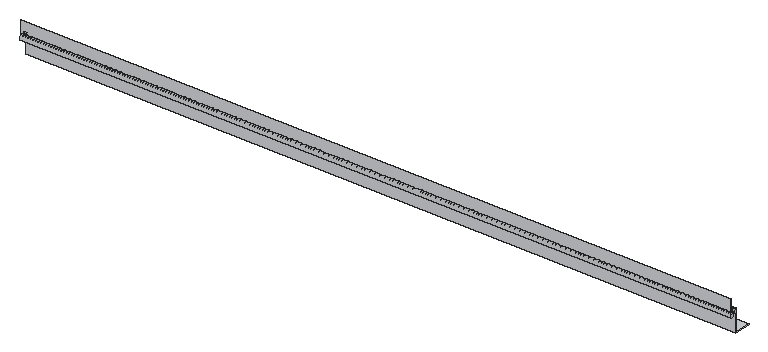
Revit family "NOVOJUNTA PRO BASIC ancho 20 mm LI EST y perimetral", category Modelos genéricos, Revit 2019
Family settings
  Puede alojar armadura = No
  Cota de conector redondo = Diámetro de uso
  Tipo de pieza = Normal
  Corte con vacíos al cargar = No
  Compartido = No
  Punto de cálculo de habitación = No
Parameters
  URL = "https://emac.es/novojunta-pro-basic-junta-estructural"
  Tipo de junta [instance] = Lisa/Estriada : Lisa
  Texto Prescriptivo [instance] = "Instalación de junta de dilatación estructural enrasada Emac® Novojunta® Pro Basic para cargas medias ancho junta 20 mm, ancho visible 24 mm, ancho total 104 mm, alto perfil 12 mm. Con estructura realizada en aluminio perforado en su base para fijaciones, goma central sintética de altas prestaciones con capacidad de absorber movimientos multidireccionales. Admisión de movimiento horizontal hasta 8 mm. Color y acabado a elegir. Instalación con tornillería (incluida). Medida la longitud realmente ejecutada."
  Texto Descriptivo [instance] = "Novojunta® Pro Basic es un sistema de perfiles de aluminio y caucho EPDM destinado a  colocación en juntas de dilatación de estructura de hasta 40 mm de ancho. Su diseño facilita la absorción de los movimientos derivados de las variaciones térmicas, permitiendo movimiento en tres ejes.  Con acabado liso o estriado y soporte de cargas medias. Se sirve desmontada. Disponible en color gris o negro."
  Referencia [instance] = "NJPB\r\nNJPB\r\nNJPB"
  Posición Junta [instance] = Enrasada/Perimetral : Perimetral
  Perimetral [instance] = Enrasada/Perimetral : Perimetral
  País origen [instance] = "España"
  NOVOJUNTA PRO BASIC  a=20mm, h= 80mm, Perimetral -  Lisa [instance] = if(and(Posición Junta = Perimetral, Tipo de junta = Lisa, Altura = Altura 80mm), 1 = 1, 1 = 0)  # yes
  NOVOJUNTA PRO BASIC  a=20mm, h= 80mm, Perimetral -  Estriada [instance] = if(and(Posición Junta = Perimetral, Tipo de junta = Estriada, Altura = Altura 80mm), 1 = 1, 1 = 0)  # no
  NOVOJUNTA PRO BASIC  a=20mm, h= 80mm, Enrasada -  Lisa [instance] = if(and(Posición Junta = Enrasada, Tipo de junta = Lisa, Altura = Altura 80mm), 1 = 1, 1 = 0)  # no
  NOVOJUNTA PRO BASIC  a=20mm, h= 80mm, Enrasada -  Estriada [instance] = if(and(Posición Junta = Enrasada, Tipo de junta = Estriada, Altura = Altura 80mm), 1 = 1, 1 = 0)  # no
  NOVOJUNTA PRO BASIC  a=20mm, h= 50mm, Perimetral -  Lisa [instance] = if(and(Posición Junta = Perimetral, Tipo de junta = Lisa, Altura = Altura 50mm), 1 = 1, 1 = 0)  # no
  NOVOJUNTA PRO BASIC  a=20mm, h= 50mm, Perimetral -  Estriada [instance] = if(and(Posición Junta = Perimetral, Tipo de junta = Estriada, Altura = Altura 50mm), 1 = 1, 1 = 0)  # no
  NOVOJUNTA PRO BASIC  a=20mm, h= 50mm, Enrasada -  Lisa [instance] = if(and(Posición Junta = Enrasada, Tipo de junta = Lisa, Altura = Altura 50mm), 1 = 1, 1 = 0)  # no
  NOVOJUNTA PRO BASIC  a=20mm, h= 50mm, Enrasada -  Estriada [instance] = if(and(Posición Junta = Enrasada, Tipo de junta = Estriada, Altura = Altura 50mm), 1 = 1, 1 = 0)  # no
  NOVOJUNTA PRO BASIC  a=20mm, h= 40mm, Perimetral -  Lisa [instance] = if(and(Posición Junta = Perimetral, Tipo de junta = Lisa, Altura = Altura 40mm), 1 = 1, 1 = 0)  # no
  NOVOJUNTA PRO BASIC  a=20mm, h= 40mm, Perimetral -  Estriada [instance] = if(and(Posición Junta = Perimetral, Tipo de junta = Estriada, Altura = Altura 40mm), 1 = 1, 1 = 0)  # no
  NOVOJUNTA PRO BASIC  a=20mm, h= 40mm, Enrasada -  Lisa [instance] = if(and(Posición Junta = Enrasada, Tipo de junta = Lisa, Altura = Altura 40mm), 1 = 1, 1 = 0)  # no
  NOVOJUNTA PRO BASIC  a=20mm, h= 40mm, Enrasada -  Estriada [instance] = if(and(Posición Junta = Enrasada, Tipo de junta = Estriada, Altura = Altura 40mm), 1 = 1, 1 = 0)  # no
  NOVOJUNTA PRO BASIC  a=20mm, h= 22mm, Perimetral -  Lisa [instance] = if(and(Posición Junta = Perimetral, Tipo de junta = Lisa, Altura = Altura 22mm), 1 = 1, 1 = 0)  # no
  NOVOJUNTA PRO BASIC  a=20mm, h= 22mm, Perimetral -  Estriada [instance] = if(and(Posición Junta = Perimetral, Tipo de junta = Estriada, Altura = Altura 22mm), 1 = 1, 1 = 0)  # no
  NOVOJUNTA PRO BASIC  a=20mm, h= 22mm, Enrasada -  Lisa [instance] = if(and(Posición Junta = Enrasada, Tipo de junta = Lisa, Altura = Altura 22mm), 1 = 1, 1 = 0)  # no
  NOVOJUNTA PRO BASIC  a=20mm, h= 22mm, Enrasada -  Estriada [instance] = if(and(Posición Junta = Enrasada, Tipo de junta = Estriada, Altura = Altura 22mm), 1 = 1, 1 = 0)  # no
  NOVOJUNTA PRO BASIC  a=20mm, h= 14mm, Perimetral -  Lisa [instance] = if(and(Posición Junta = Perimetral, Tipo de junta = Lisa, Altura = Altura 14mm), 1 = 1, 1 = 0)  # no
  NOVOJUNTA PRO BASIC  a=20mm, h= 14mm, Perimetral -  Estriada [instance] = if(and(Posición Junta = Perimetral, Tipo de junta = Estriada, Altura = Altura 14mm), 1 = 1, 1 = 0)  # no
  NOVOJUNTA PRO BASIC  a=20mm, h= 14mm, Enrasada -  Lisa [instance] = if(and(Posición Junta = Enrasada, Tipo de junta = Lisa, Altura = Altura 14mm), 1 = 1, 1 = 0)  # no
  NOVOJUNTA PRO BASIC  a=20mm, h= 14mm, Enrasada -  Estriada [instance] = if(and(Posición Junta = Enrasada, Tipo de junta = Estriada, Altura = Altura 14mm), 1 = 1, 1 = 0)  # no
  Lisa [instance] = Lisa/Estriada : Lisa
  built-in parameter 1001306 [instance] = 2500 mm
  Instrucciones de instalación [instance] = "https://emac.es/public/Attachment/2023/3/ficha-tecnica-novojunta-pro-basic-emac.pdf"
  Estriada [instance] = Lisa/Estriada : Estriada
  Enrasada [instance] = Enrasada/Perimetral : Enrasada
  Descripción = "NOVOJUNTA PRO BASIC"
  Certificados de producto [instance] = "https://emac.es/public/Attachment/2023/3/ficha-tecnica-novojunta-pro-basic-emac.pdf"
  Características técnicas [instance] = "https://emac.es/public/Attachment/2023/3/ficha-tecnica-novojunta-pro-basic-emac.pdf"
  Anchura [instance] = 20 mm
  Altura 80mm [instance] = Altura : Altura 80mm
  Altura 50mm [instance] = Altura : Altura 50mm
  Altura 40mm [instance] = Altura : Altura 40mm
  Altura 22mm [instance] = Altura : Altura 22mm
  Altura 14mm [instance] = Altura : Altura 14mm
  Altura [instance] = Altura : Altura 80mm
Reference planes
  plane 1 "Center (Front/Back)": y = 0
  plane 2: z = 0
  plane 3 "Left": x = 0
  plane 4 "Right": x = 2500
Forms (mm)
  Extrusion 1, solid, visible <- "NOVOJUNTA PRO BASIC  a=20mm, h= 14mm, Enrasada -  Estriada"
    sketch origin (0, -783.316, -687.572) x (0, 1, 0) y (0, 0, 1)
      loop
        line (792.768, 676.432) -> (790.227, 676.432) -> (789.411, 678.471) -> (789.411, 685.532) -> (787.387, 685.532) -> (787.387, 676.032)
        arc (787.387, 676.032) -> (787.826, 674.971) -> (788.887, 674.532) r 1.5
        line (788.887, 674.532) -> (793.087, 674.532)
        arc (793.087, 674.532) -> (793.794, 674.239) -> (794.087, 673.532) r 1
        line (794.087, 673.532) -> (797.787, 673.532) -> (835.087, 673.532) -> (835.087, 675.032) -> (799.517, 675.032) -> (796.587, 675.032) -> (795.587, 676.032) -> (795.587, 687.532) -> (793.587, 687.532) -> (793.587, 678.478) -> (792.768, 676.432)
      loop
        line (790.663, 678.453) -> (790.036, 677.921) -> (791.146, 676.812)
        arc (791.146, 676.812) -> (791.585, 676.618) -> (792.021, 676.819) r 0.583
        line (792.021, 676.819) -> (793.16, 677.958) -> (792.472, 678.469) -> (792.151, 679.425) -> (792.151, 684.798) -> (793.351, 685.518) -> (793.351, 687.572) -> (792.053, 687.572) -> (789.993, 687.572) -> (788, 687.572) -> (784.066, 687.572) -> (784.066, 682.072)
        arc (784.066, 682.072) -> (783.856, 681.46) -> (783.316, 681.104) r 1
        arc (783.316, 681.104) -> (782.775, 681.46) -> (782.566, 682.072) r 1
        line (782.566, 682.072) -> (782.566, 687.572) -> (773.351, 687.572) -> (773.351, 685.518) -> (774.552, 684.797) -> (774.552, 679.367) -> (774.269, 678.469) -> (773.573, 677.967) -> (774.72, 676.819)
        arc (774.72, 676.819) -> (775.156, 676.618) -> (775.595, 676.812) r 0.583
        line (775.595, 676.812) -> (776.736, 677.953) -> (776.078, 678.453) -> (775.776, 679.411) -> (775.9, 684.976) -> (777.258, 685.759) -> (780.701, 685.759) -> (780.701, 681.104) -> (782.922, 679.211)
        arc (782.922, 679.211) -> (783.317, 679.076) -> (783.724, 679.174) r 0.749
        line (783.724, 679.174) -> (786.001, 681.104) -> (786.001, 685.759) -> (789.361, 685.759) -> (790.84, 684.906) -> (790.928, 679.294) -> (790.663, 678.453)
      loop
        arc (777.758, 674.532) -> (778.819, 674.971) -> (779.258, 676.032) r 1.5
        line (779.258, 676.032) -> (779.258, 685.532) -> (777.258, 685.532) -> (777.258, 678.532) -> (776.418, 676.432) -> (773.898, 676.432) -> (773.058, 678.532) -> (773.058, 687.532) -> (771.058, 687.532) -> (771.058, 676.032) -> (770.058, 675.032) -> (767.128, 675.032) -> (734.988, 675.032) -> (731.558, 675.032) -> (731.558, 673.532) -> (772.558, 673.532)
        arc (772.558, 673.532) -> (772.851, 674.239) -> (773.558, 674.532) r 1
        line (773.558, 674.532) -> (777.758, 674.532)
    from 0 to 2500
  Extrusion 2, solid, visible <- "NOVOJUNTA PRO BASIC  a=20mm, h= 22mm, Enrasada -  Estriada"
    sketch origin (0, -783.734, -596.357) x (0, 1, 0) y (0, 0, 1)
      loop
        arc (778.176, 583.316) -> (779.237, 583.756) -> (779.676, 584.816) r 1.5
        line (779.676, 584.816) -> (779.676, 594.216) -> (777.676, 594.216) -> (777.676, 587.316) -> (776.836, 585.216) -> (774.316, 585.216) -> (773.476, 587.316) -> (773.476, 596.316) -> (771.476, 596.316) -> (771.477, 576.816) -> (770.477, 575.816) -> (767.547, 575.816) -> (731.977, 575.816) -> (731.977, 574.316) -> (769.277, 574.316) -> (772.777, 574.316)
        arc (772.777, 574.316) -> (773.069, 575.023) -> (773.777, 575.316) r 1
        line (773.777, 575.316) -> (773.777, 583.316) -> (778.176, 583.316)
      loop
        line (798.205, 574.316) -> (835.505, 574.316) -> (835.505, 575.816) -> (799.935, 575.816) -> (797.005, 575.816) -> (796.005, 576.816) -> (796.005, 596.316) -> (794.005, 596.316) -> (794.005, 587.263) -> (793.186, 585.216) -> (790.645, 585.216) -> (789.829, 587.255) -> (789.829, 594.216) -> (787.805, 594.216) -> (787.805, 584.816)
        arc (787.805, 584.816) -> (788.244, 583.756) -> (789.305, 583.316) r 1.5
        line (789.305, 583.316) -> (793.705, 583.316) -> (793.705, 575.316)
        arc (793.705, 575.316) -> (794.412, 575.023) -> (794.705, 574.316) r 1
        line (794.705, 574.316) -> (798.205, 574.316)
      loop
        line (791.082, 587.237) -> (790.432, 586.693) -> (791.564, 585.597)
        arc (791.564, 585.597) -> (792.003, 585.402) -> (792.439, 585.604) r 0.583
        line (792.439, 585.604) -> (793.507, 586.772) -> (792.89, 587.254) -> (792.569, 588.21) -> (792.569, 593.582) -> (793.769, 594.303) -> (793.769, 596.357) -> (788.284, 596.357) -> (784.484, 596.357) -> (784.484, 590.857)
        arc (784.484, 590.857) -> (784.275, 590.245) -> (783.734, 589.889) r 1
        arc (783.734, 589.889) -> (783.193, 590.245) -> (782.984, 590.857) r 1
        line (782.984, 590.857) -> (782.984, 596.357) -> (773.769, 596.357) -> (773.769, 594.303) -> (774.97, 593.582) -> (774.97, 588.152) -> (774.687, 587.254) -> (773.991, 586.751) -> (775.139, 585.604)
        arc (775.139, 585.604) -> (775.574, 585.402) -> (776.013, 585.597) r 0.583
        line (776.013, 585.597) -> (777.158, 586.741) -> (776.496, 587.237) -> (776.211, 588.141) -> (776.297, 593.633) -> (777.703, 594.444) -> (781.119, 594.444) -> (781.119, 589.889) -> (783.34, 587.996)
        arc (783.34, 587.996) -> (783.741, 587.86) -> (784.151, 587.964) r 0.749
        line (784.151, 587.964) -> (786.419, 589.889) -> (786.419, 594.444) -> (789.753, 594.444) -> (791.243, 593.584) -> (791.345, 588.141) -> (791.082, 587.237)
    from 0 to 2500
  Extrusion 3, solid, visible <- "NOVOJUNTA PRO BASIC  a=20mm, h= 14mm, Perimetral -  Estriada"
    sketch origin (0, -569.806, -687.572) x (0, 1, 0) y (0, 0, 1)
      loop
        line (573.877, 685.432) -> (573.877, 676.032)
        arc (573.877, 676.032) -> (574.317, 674.971) -> (575.377, 674.532) r 1.5
        line (575.377, 674.532) -> (579.577, 674.532)
        arc (579.577, 674.532) -> (580.284, 674.239) -> (580.577, 673.532) r 1
        line (580.577, 673.532) -> (584.277, 673.532) -> (621.577, 673.532) -> (621.577, 675.032) -> (586.007, 675.032) -> (583.077, 675.032) -> (582.077, 676.032) -> (582.077, 687.532) -> (580.077, 687.532) -> (580.077, 678.478) -> (579.259, 676.432) -> (576.717, 676.432) -> (575.902, 678.471) -> (575.902, 685.432) -> (573.877, 685.432)
      loop
        line (576.575, 677.873) -> (577.636, 676.812)
        arc (577.636, 676.812) -> (578.075, 676.618) -> (578.511, 676.819) r 0.583
        line (578.511, 676.819) -> (579.64, 677.948) -> (578.962, 678.469) -> (578.642, 679.425) -> (578.642, 684.798) -> (579.842, 685.518) -> (579.842, 687.572) -> (574.356, 687.572) -> (570.556, 687.572) -> (570.556, 682.072)
        arc (570.556, 682.072) -> (570.347, 681.46) -> (569.806, 681.104) r 1
        arc (569.806, 681.104) -> (569.266, 681.46) -> (569.056, 682.072) r 1
        line (569.056, 682.072) -> (569.056, 687.572) -> (559.842, 687.572) -> (559.842, 685.518) -> (561.043, 684.797) -> (561.043, 679.367) -> (560.76, 678.469) -> (560.086, 677.944) -> (561.211, 676.819)
        arc (561.211, 676.819) -> (561.647, 676.618) -> (562.086, 676.812) r 0.583
        line (562.086, 676.812) -> (563.23, 677.956) -> (562.568, 678.453) -> (562.284, 679.356) -> (562.369, 684.848) -> (563.775, 685.659) -> (567.192, 685.659) -> (567.192, 681.104) -> (569.412, 679.211)
        arc (569.412, 679.211) -> (569.813, 679.075) -> (570.223, 679.179) r 0.749
        line (570.223, 679.179) -> (572.492, 681.104) -> (572.492, 685.659) -> (575.825, 685.659) -> (577.315, 684.799) -> (577.418, 679.356) -> (577.154, 678.453) -> (576.575, 677.873)
      loop
        line (562.909, 676.432) -> (560.389, 676.432) -> (559.549, 678.532) -> (559.549, 714.974)
        arc (559.549, 714.974) -> (559.045, 720.891) -> (557.549, 726.636) r 35
        line (557.549, 726.636) -> (557.549, 685.932) -> (557.549, 664.532) -> (559.592, 664.532) -> (559.549, 671.532) -> (560.349, 673.532) -> (562.949, 673.532) -> (563.706, 671.638) -> (563.706, 664.532) -> (565.749, 664.532) -> (565.749, 685.332) -> (563.706, 685.332) -> (563.706, 678.425) -> (562.909, 676.432)
    from 0 to 2500
  Extrusion 4, solid, visible <- "NOVOJUNTA PRO BASIC  a=20mm, h= 22mm, Perimetral -  Estriada"
    sketch origin (0, -566.728, -592.259) x (0, 1, 0) y (0, 0, 1)
      loop
        arc (556.47, 619.662) -> (555.967, 625.578) -> (554.47, 631.324) r 35
        line (554.47, 631.324) -> (554.47, 590.619) -> (554.47, 569.219) -> (556.514, 569.219) -> (556.47, 576.219) -> (557.27, 578.219) -> (559.87, 578.219) -> (560.628, 576.326) -> (560.628, 569.219) -> (562.67, 569.219) -> (562.67, 590.019) -> (560.728, 590.019) -> (560.728, 583.093) -> (559.938, 581.119) -> (557.203, 581.119) -> (556.47, 582.949) -> (556.47, 619.662)
      loop
        line (574.076, 583.14) -> (573.414, 582.643) -> (574.558, 581.499)
        arc (574.558, 581.499) -> (574.997, 581.305) -> (575.433, 581.506) r 0.583
        line (575.433, 581.506) -> (576.559, 582.632) -> (575.884, 583.156) -> (575.563, 584.112) -> (575.563, 589.485) -> (576.763, 590.205) -> (576.763, 592.259) -> (571.278, 592.259) -> (567.478, 592.259) -> (567.478, 586.759)
        arc (567.478, 586.759) -> (567.269, 586.147) -> (566.728, 585.791) r 1
        arc (566.728, 585.791) -> (566.187, 586.147) -> (565.978, 586.759) r 1
        line (565.978, 586.759) -> (565.978, 592.259) -> (556.763, 592.259) -> (556.763, 590.205) -> (557.964, 589.484) -> (557.964, 584.054) -> (557.681, 583.156) -> (557.007, 582.632) -> (558.133, 581.506)
        arc (558.133, 581.506) -> (558.568, 581.305) -> (559.007, 581.499) r 0.583
        line (559.007, 581.499) -> (560.131, 582.622) -> (559.49, 583.14) -> (559.205, 584.044) -> (559.291, 589.535) -> (560.697, 590.346) -> (564.113, 590.346) -> (564.113, 585.792) -> (566.334, 583.898)
        arc (566.334, 583.898) -> (566.735, 583.763) -> (567.145, 583.866) r 0.749
        line (567.145, 583.866) -> (569.413, 585.791) -> (569.413, 590.346) -> (572.747, 590.346) -> (574.237, 589.487) -> (574.339, 584.043) -> (574.076, 583.14)
      loop
        arc (570.754, 580.717) -> (571.193, 579.656) -> (572.254, 579.217) r 1.5
        line (572.254, 579.217) -> (576.454, 579.217)
        arc (576.454, 579.217) -> (577.161, 578.924) -> (577.454, 578.217) r 1
        line (577.454, 578.217) -> (577.454, 570.217) -> (618.454, 570.217) -> (618.454, 571.717) -> (582.884, 571.717) -> (579.954, 571.717) -> (578.954, 572.717) -> (578.954, 580.717) -> (578.954, 592.217) -> (576.954, 592.217) -> (576.954, 583.163) -> (576.136, 581.117) -> (573.594, 581.117) -> (572.778, 583.156) -> (572.778, 590.117) -> (570.754, 590.117) -> (570.754, 580.717)
    from 0 to 2500
  Extrusion 5, solid, visible <- "NOVOJUNTA PRO BASIC  a=20mm, h= 40mm, Perimetral -  Estriada"
    sketch origin (0, -566.79, -489.219) x (0, 1, 0) y (0, 0, 1)
      loop
        line (579.115, 489.176) -> (577.115, 489.176) -> (577.115, 480.123) -> (576.297, 478.076) -> (573.755, 478.076) -> (572.939, 480.116) -> (572.939, 487.076) -> (570.915, 487.076) -> (570.915, 477.676)
        arc (570.915, 477.676) -> (571.354, 476.616) -> (572.415, 476.176) r 1.5
        line (572.415, 476.176) -> (576.115, 476.176)
        arc (576.115, 476.176) -> (576.822, 475.884) -> (577.115, 475.176) r 1
        line (577.115, 475.176) -> (577.115, 449.176) -> (632.115, 449.176) -> (632.115, 451.476) -> (585.01, 451.476) -> (580.615, 451.476) -> (579.115, 452.976) -> (579.115, 489.176)
      loop
        line (560.636, 473.283) -> (560.636, 466.176) -> (562.678, 466.176) -> (562.678, 486.976) -> (560.636, 486.976) -> (560.636, 480.07) -> (559.838, 478.076) -> (557.318, 478.076) -> (556.478, 480.176) -> (556.478, 516.619)
        arc (556.478, 516.619) -> (555.975, 522.535) -> (554.478, 528.281) r 35
        line (554.478, 528.281) -> (554.478, 487.576) -> (554.478, 466.176) -> (556.522, 466.176) -> (556.478, 473.176) -> (557.278, 475.176) -> (559.878, 475.176) -> (560.636, 473.283)
      loop
        line (557.743, 480.116) -> (557.094, 479.647) -> (558.195, 478.466)
        arc (558.195, 478.466) -> (558.63, 478.264) -> (559.069, 478.459) r 0.583
        line (559.069, 478.459) -> (560.214, 479.603) -> (559.552, 480.099) -> (559.267, 481.003) -> (559.353, 486.495) -> (560.759, 487.306) -> (564.175, 487.306) -> (564.175, 482.751) -> (566.396, 480.858)
        arc (566.396, 480.858) -> (566.797, 480.722) -> (567.207, 480.826) r 0.749
        line (567.207, 480.826) -> (569.475, 482.751) -> (569.475, 487.306) -> (573.009, 487.306) -> (574.296, 486.563) -> (574.401, 481.003) -> (574.138, 480.099) -> (573.511, 479.568) -> (574.62, 478.459)
        arc (574.62, 478.459) -> (575.059, 478.264) -> (575.495, 478.466) r 0.583
        line (575.495, 478.466) -> (576.642, 479.613) -> (575.946, 480.116) -> (575.625, 481.072) -> (575.625, 486.444) -> (576.825, 487.165) -> (576.825, 489.219) -> (571.34, 489.219) -> (567.54, 489.219) -> (567.54, 483.719)
        arc (567.54, 483.719) -> (567.331, 483.107) -> (566.79, 482.751) r 1
        arc (566.79, 482.751) -> (566.249, 483.107) -> (566.04, 483.719) r 1
        line (566.04, 483.719) -> (566.04, 489.219) -> (556.825, 489.219) -> (556.825, 487.165) -> (558.026, 486.444) -> (558.026, 481.014) -> (557.743, 480.116)
    from 0 to 2500
  Extrusion 6, solid, visible <- "NOVOJUNTA PRO BASIC  a=20mm, h= 40mm, Enrasada -  Estriada"
    sketch origin (0, -777.951, -492.111) x (0, 1, 0) y (0, 0, 1)
      loop
        line (765.572, 492.07) -> (765.572, 456.01) -> (763.931, 454.37) -> (759.537, 454.37) -> (712.431, 454.37) -> (712.431, 452.07) -> (767.572, 452.07) -> (767.572, 478.07)
        arc (767.572, 478.07) -> (767.865, 478.777) -> (768.572, 479.07) r 1
        line (768.572, 479.07) -> (772.272, 479.07)
        arc (772.272, 479.07) -> (773.333, 479.509) -> (773.772, 480.57) r 1.5
        line (773.772, 480.57) -> (773.772, 489.87) -> (771.772, 489.87) -> (771.772, 483.07) -> (770.892, 480.87) -> (768.452, 480.87) -> (767.572, 483.07) -> (767.572, 492.07) -> (765.572, 492.07)
      loop
        line (787.35, 480.87) -> (784.889, 480.87) -> (784.033, 483.009) -> (784.033, 489.87) -> (782.009, 489.87) -> (782.009, 480.57)
        arc (782.009, 480.57) -> (782.448, 479.509) -> (783.509, 479.07) r 1.5
        line (783.509, 479.07) -> (787.209, 479.07)
        arc (787.209, 479.07) -> (787.916, 478.777) -> (788.209, 478.07) r 1
        line (788.209, 478.07) -> (788.209, 452.07) -> (843.209, 452.07) -> (843.209, 454.37) -> (796.104, 454.37) -> (791.709, 454.37) -> (790.209, 455.87) -> (790.209, 492.07) -> (788.209, 492.07) -> (788.209, 483.016) -> (787.35, 480.87)
      loop
        line (775.266, 490.198) -> (775.266, 485.642) -> (777.534, 483.717)
        arc (777.534, 483.717) -> (777.944, 483.614) -> (778.345, 483.749) r 0.749
        line (778.345, 483.749) -> (780.566, 485.643) -> (780.566, 490.198) -> (783.982, 490.198) -> (785.388, 489.386) -> (785.474, 483.895) -> (785.189, 482.991) -> (784.588, 482.434) -> (785.672, 481.35)
        arc (785.672, 481.35) -> (786.111, 481.156) -> (786.547, 481.357) r 0.583
        line (786.547, 481.357) -> (787.627, 482.438) -> (786.998, 483.007) -> (786.715, 483.905) -> (786.715, 489.335) -> (787.916, 490.056) -> (787.916, 492.111) -> (778.701, 492.111) -> (778.701, 486.611)
        arc (778.701, 486.611) -> (778.492, 485.998) -> (777.951, 485.642) r 1
        arc (777.951, 485.642) -> (777.411, 485.998) -> (777.201, 486.611) r 1
        line (777.201, 486.611) -> (777.201, 492.111) -> (773.401, 492.111) -> (767.916, 492.111) -> (767.916, 490.056) -> (769.116, 489.336) -> (769.116, 483.963) -> (768.795, 483.007) -> (768.15, 482.503) -> (769.246, 481.357)
        arc (769.246, 481.357) -> (769.682, 481.156) -> (770.121, 481.35) r 0.583
        line (770.121, 481.35) -> (771.244, 482.473) -> (770.604, 482.991) -> (770.34, 483.894) -> (770.445, 489.454) -> (771.733, 490.198) -> (775.266, 490.198)
    from 0 to 2500
  Extrusion 7, solid, visible <- "NOVOJUNTA PRO BASIC  a=20mm, h= 50mm, Enrasada -  Estriada"
    sketch origin (0, -777.908, -378.318) x (0, 1, 0) y (0, 0, 1)
      loop
        arc (781.774, 366.747) -> (782.213, 365.686) -> (783.274, 365.247) r 1.5
        line (783.274, 365.247) -> (786.974, 365.218)
        arc (786.974, 365.218) -> (787.646, 364.959) -> (787.974, 364.318) r 1.01
        line (787.974, 364.318) -> (787.974, 328.318) -> (855.974, 328.247) -> (855.974, 330.547) -> (795.869, 330.547) -> (791.474, 330.547) -> (789.974, 332.047) -> (789.974, 341.314) -> (789.974, 378.247) -> (787.974, 378.247) -> (787.974, 369.193) -> (787.155, 367.147) -> (784.614, 367.147) -> (783.798, 369.186) -> (783.798, 376.147) -> (781.774, 376.147) -> (781.774, 366.747)
      loop
        line (767.851, 328.247) -> (767.721, 364.247)
        arc (767.721, 364.247) -> (768.014, 364.954) -> (768.721, 365.247) r 1
        line (768.721, 365.247) -> (772.421, 365.247)
        arc (772.421, 365.247) -> (773.482, 365.686) -> (773.921, 366.747) r 1.5
        line (773.921, 366.747) -> (773.921, 376.147) -> (771.921, 376.147) -> (771.921, 368.978) -> (771.189, 367.147) -> (768.454, 367.147) -> (767.721, 368.978) -> (767.721, 378.247) -> (765.721, 378.247) -> (765.721, 332.047) -> (764.221, 330.547) -> (759.827, 330.547) -> (699.721, 330.518) -> (699.721, 328.218) -> (767.851, 328.247)
      loop
        line (770.56, 369.198) -> (770.296, 370.102) -> (770.399, 375.545) -> (771.889, 376.405) -> (775.222, 376.405) -> (775.222, 371.849) -> (777.491, 369.925)
        arc (777.491, 369.925) -> (777.901, 369.821) -> (778.302, 369.957) r 0.749
        line (778.302, 369.957) -> (780.522, 371.85) -> (780.522, 376.405) -> (783.939, 376.405) -> (785.345, 375.594) -> (785.43, 370.102) -> (785.146, 369.198) -> (784.567, 368.619) -> (785.628, 367.557)
        arc (785.628, 367.557) -> (786.067, 367.363) -> (786.503, 367.565) r 0.583
        line (786.503, 367.565) -> (787.554, 368.615) -> (786.955, 369.214) -> (786.671, 370.113) -> (786.671, 375.543) -> (787.772, 376.204) -> (787.772, 378.318) -> (778.658, 378.318) -> (778.658, 372.818)
        arc (778.658, 372.818) -> (778.448, 372.206) -> (777.908, 371.85) r 1
        arc (777.908, 371.85) -> (777.367, 372.206) -> (777.158, 372.818) r 1
        line (777.158, 372.818) -> (777.158, 378.318) -> (773.358, 378.318) -> (767.972, 378.318) -> (767.972, 376.204) -> (769.072, 375.543) -> (769.072, 370.17) -> (768.752, 369.214) -> (768.1, 368.668) -> (769.203, 367.565)
        arc (769.203, 367.565) -> (769.639, 367.363) -> (770.078, 367.557) r 0.583
        line (770.078, 367.557) -> (771.139, 368.619) -> (770.56, 369.198)
    from 0 to 2500
  Extrusion 8, solid, visible <- "NOVOJUNTA PRO BASIC  a=20mm, h= 50mm, Perimetral -  Estriada"
    sketch origin (0, -567.985, -378.318) x (0, 1, 0) y (0, 0, 1)
      loop
        line (580.048, 378.247) -> (578.048, 378.247) -> (578.048, 369.193) -> (577.229, 367.147) -> (574.688, 367.147) -> (573.872, 369.186) -> (573.872, 376.147) -> (571.848, 376.147) -> (571.848, 366.747)
        arc (571.848, 366.747) -> (572.287, 365.686) -> (573.348, 365.247) r 1.5
        line (573.348, 365.247) -> (577.048, 365.218)
        arc (577.048, 365.218) -> (577.719, 364.959) -> (578.048, 364.318) r 1.01
        line (578.048, 364.318) -> (578.048, 328.318) -> (646.048, 328.247) -> (646.048, 330.547) -> (585.942, 330.547) -> (581.548, 330.547) -> (580.048, 332.047) -> (580.048, 341.314) -> (580.048, 378.247)
      loop
        line (557.795, 362.297) -> (558.595, 364.297) -> (561.195, 364.297) -> (561.952, 362.404) -> (561.952, 355.297) -> (563.995, 355.297) -> (563.995, 376.097) -> (561.952, 376.097) -> (561.952, 369.19) -> (561.115, 367.097) -> (558.675, 367.097) -> (557.795, 369.297) -> (557.795, 405.74)
        arc (557.795, 405.74) -> (557.291, 411.656) -> (555.795, 417.402) r 35
        line (555.795, 417.402) -> (555.795, 376.697) -> (555.795, 355.297) -> (557.839, 355.297) -> (557.795, 362.297)
      loop
        line (560.638, 369.198) -> (560.374, 370.102) -> (560.477, 375.545) -> (561.967, 376.405) -> (565.3, 376.405) -> (565.3, 371.85) -> (567.568, 369.925)
        arc (567.568, 369.925) -> (567.978, 369.821) -> (568.379, 369.957) r 0.749
        line (568.379, 369.957) -> (570.6, 371.85) -> (570.6, 376.405) -> (574.016, 376.405) -> (575.422, 375.594) -> (575.508, 370.102) -> (575.223, 369.198) -> (574.616, 368.681) -> (575.627, 367.67)
        arc (575.627, 367.67) -> (576.065, 367.368) -> (576.566, 367.548) r 0.583
        line (576.566, 367.548) -> (577.614, 368.671) -> (577.032, 369.215) -> (576.749, 370.113) -> (576.749, 375.543) -> (577.85, 376.204) -> (577.85, 378.318) -> (568.735, 378.318) -> (568.735, 372.818)
        arc (568.735, 372.818) -> (568.526, 372.206) -> (567.985, 371.85) r 1
        arc (567.985, 371.85) -> (567.445, 372.206) -> (567.235, 372.818) r 1
        line (567.235, 372.818) -> (567.235, 378.318) -> (563.436, 378.318) -> (558.05, 378.318) -> (558.05, 376.204) -> (559.15, 375.543) -> (559.15, 370.171) -> (558.829, 369.215) -> (558.222, 368.697) -> (559.295, 367.548)
        arc (559.295, 367.548) -> (559.796, 367.368) -> (560.234, 367.67) r 0.583
        line (560.234, 367.67) -> (561.246, 368.682) -> (560.638, 369.198)
    from 0 to 2500
  Extrusion 9, solid, visible <- "NOVOJUNTA PRO BASIC  a=20mm, h= 80mm, Enrasada -  Estriada"
    sketch origin (0, -779.891, -249.43) x (0, 1, 0) y (0, 0, 1)
      loop
        line (792.045, 249.394) -> (790.045, 249.394) -> (790.045, 240.072) -> (789.294, 238.194) -> (786.725, 238.194) -> (785.869, 240.334) -> (785.869, 247.194) -> (783.845, 247.194) -> (783.845, 237.894)
        arc (783.845, 237.894) -> (784.284, 236.834) -> (785.345, 236.394) r 1.5
        line (785.345, 236.394) -> (790.045, 236.394) -> (790.045, 171.394) -> (845.045, 171.394) -> (845.045, 173.694) -> (797.94, 173.694) -> (793.545, 173.694) -> (792.045, 175.194) -> (792.045, 249.394)
      loop
        line (785.91, 247.517) -> (787.4, 246.657) -> (787.503, 241.214) -> (787.277, 240.441) -> (786.645, 239.851) -> (787.523, 238.91)
        arc (787.523, 238.91) -> (788.123, 238.643) -> (788.733, 238.889) r 0.841
        line (788.733, 238.889) -> (789.687, 239.843) -> (789.047, 240.326) -> (788.727, 241.282) -> (788.727, 246.655) -> (789.827, 247.316) -> (789.827, 249.43) -> (784.441, 249.43) -> (780.641, 249.43) -> (780.641, 243.93)
        arc (780.641, 243.93) -> (780.432, 243.318) -> (779.891, 242.962) r 1
        arc (779.891, 242.962) -> (779.351, 243.318) -> (779.141, 243.93) r 1
        line (779.141, 243.93) -> (779.141, 249.43) -> (770.027, 249.43) -> (770.027, 247.316) -> (771.128, 246.655) -> (771.128, 241.225) -> (770.845, 240.326) -> (770.214, 239.835) -> (771.311, 238.66)
        arc (771.311, 238.66) -> (771.731, 238.475) -> (772.155, 238.652) r 0.583
        line (772.155, 238.652) -> (773.274, 239.807) -> (772.653, 240.31) -> (772.369, 241.214) -> (772.454, 246.706) -> (773.86, 247.517) -> (777.277, 247.517) -> (777.277, 242.962) -> (779.497, 241.069)
        arc (779.497, 241.069) -> (779.898, 240.933) -> (780.308, 241.037) r 0.749
        line (780.308, 241.037) -> (782.577, 242.961) -> (782.577, 247.517) -> (785.91, 247.517)
      loop
        line (775.938, 237.894) -> (775.938, 247.194) -> (773.938, 247.194) -> (773.938, 240.394) -> (773.058, 238.194) -> (770.618, 238.194) -> (769.738, 240.394) -> (769.738, 249.394) -> (767.738, 249.394) -> (767.738, 175.194) -> (766.238, 173.694) -> (761.843, 173.694) -> (714.738, 173.694) -> (714.738, 171.394) -> (769.738, 171.394) -> (769.738, 236.394) -> (774.438, 236.394)
        arc (774.438, 236.394) -> (775.498, 236.834) -> (775.938, 237.894) r 1.5
    from 0 to 2500
  Extrusion 10, solid, visible <- "NOVOJUNTA PRO BASIC  a=20mm, h= 80mm, Perimetral -  Estriada"
    sketch origin (0, -569.965, -249.43) x (0, 1, 0) y (0, 0, 1)
      loop
        line (582.119, 249.394) -> (580.119, 249.394) -> (580.119, 240.072) -> (579.368, 238.194) -> (576.799, 238.194) -> (575.943, 240.334) -> (575.943, 247.294) -> (573.919, 247.294) -> (573.919, 237.894)
        arc (573.919, 237.894) -> (574.358, 236.834) -> (575.419, 236.394) r 1.5
        line (575.419, 236.394) -> (580.119, 236.394) -> (580.119, 171.394) -> (635.119, 171.394) -> (635.119, 173.694) -> (588.013, 173.694) -> (583.619, 173.694) -> (582.119, 175.194) -> (582.119, 249.394)
      loop
        line (579.9, 247.316) -> (579.9, 249.43) -> (574.515, 249.43) -> (570.715, 249.43) -> (570.715, 243.93)
        arc (570.715, 243.93) -> (570.505, 243.318) -> (569.965, 242.962) r 1
        arc (569.965, 242.962) -> (569.424, 243.318) -> (569.215, 243.93) r 1
        line (569.215, 243.93) -> (569.215, 249.43) -> (560.1, 249.43) -> (560.1, 247.316) -> (561.201, 246.655) -> (561.201, 241.225) -> (560.918, 240.326) -> (560.287, 239.835) -> (561.384, 238.66)
        arc (561.384, 238.66) -> (561.885, 238.48) -> (562.323, 238.782) r 0.583
        line (562.323, 238.782) -> (563.348, 239.807) -> (562.727, 240.31) -> (562.442, 241.214) -> (562.528, 246.706) -> (563.934, 247.517) -> (567.35, 247.517) -> (567.35, 242.962) -> (569.571, 241.069)
        arc (569.571, 241.069) -> (569.972, 240.933) -> (570.382, 241.037) r 0.749
        line (570.382, 241.037) -> (572.65, 242.961) -> (572.65, 247.517) -> (575.983, 247.517) -> (577.473, 246.657) -> (577.576, 241.214) -> (577.312, 240.31) -> (576.673, 239.83) -> (577.71, 238.794)
        arc (577.71, 238.794) -> (578.147, 238.481) -> (578.654, 238.66) r 0.583
        line (578.654, 238.66) -> (579.745, 239.825) -> (579.059, 240.51) -> (578.8, 241.282) -> (578.8, 246.655) -> (579.9, 247.316)
      loop
        line (566.011, 226.444) -> (566.011, 247.244) -> (563.969, 247.244) -> (563.969, 240.337) -> (563.131, 238.244) -> (560.691, 238.244) -> (559.811, 240.444) -> (559.811, 276.887)
        arc (559.811, 276.887) -> (559.308, 282.803) -> (557.811, 288.549) r 35
        line (557.811, 288.549) -> (557.811, 247.844) -> (557.811, 226.444) -> (559.855, 226.444) -> (559.811, 233.444) -> (560.611, 235.444) -> (563.211, 235.444) -> (563.969, 233.551) -> (563.969, 226.444) -> (566.011, 226.444)
    from 0 to 2500
  Extrusion 11, solid, visible <- "NOVOJUNTA PRO BASIC  a=20mm, h= 14mm, Enrasada -  Lisa"
    sketch origin (0, -242.2, -680.241) x (0, 1, 0) y (0, 0, 1)
      loop
        arc (246.235, 668.7) -> (246.675, 667.639) -> (247.735, 667.2) r 1.5
        line (247.735, 667.2) -> (251.935, 667.2)
        arc (251.935, 667.2) -> (252.642, 666.907) -> (252.935, 666.2) r 1
        line (252.935, 666.2) -> (256.635, 666.2) -> (293.935, 666.2) -> (293.935, 667.7) -> (258.365, 667.7) -> (255.435, 667.7) -> (254.435, 668.7) -> (254.435, 680.2) -> (252.435, 680.2) -> (252.435, 670.877) -> (251.725, 669.1) -> (248.968, 669.1) -> (248.26, 670.87) -> (248.26, 678.1) -> (246.235, 678.1) -> (246.235, 668.7)
      loop
        line (229.907, 668.7) -> (228.907, 667.7) -> (225.977, 667.7) -> (193.837, 667.7) -> (190.407, 667.7) -> (190.407, 666.2) -> (231.407, 666.2)
        arc (231.407, 666.2) -> (231.7, 666.907) -> (232.407, 667.2) r 1
        line (232.407, 667.2) -> (236.607, 667.2)
        arc (236.607, 667.2) -> (237.667, 667.639) -> (238.107, 668.7) r 1.5
        line (238.107, 668.7) -> (238.107, 678.1) -> (236.107, 678.1) -> (236.107, 670.931) -> (235.374, 669.1) -> (232.639, 669.1) -> (231.907, 670.931) -> (231.907, 680.2) -> (229.907, 680.2) -> (229.907, 668.7)
      loop
        line (248.183, 678.328) -> (249.672, 677.527) -> (249.776, 672.025) -> (249.512, 671.121) -> (248.85, 670.624) -> (249.994, 669.48)
        arc (249.994, 669.48) -> (250.433, 669.286) -> (250.869, 669.488) r 0.583
        line (250.869, 669.488) -> (252.017, 670.635) -> (251.321, 671.137) -> (251, 672.093) -> (251, 677.466) -> (252.2, 678.186) -> (252.2, 680.241) -> (245.1, 680.241)
        arc (245.1, 680.241) -> (242.2, 679.941) -> (239.3, 680.241) r 14.165
        line (239.3, 680.241) -> (232.2, 680.241) -> (232.2, 678.186) -> (233.401, 677.465) -> (233.401, 672.035) -> (233.118, 671.137) -> (232.422, 670.635) -> (233.569, 669.488)
        arc (233.569, 669.488) -> (234.005, 669.286) -> (234.444, 669.48) r 0.583
        line (234.444, 669.48) -> (235.588, 670.624) -> (234.926, 671.121) -> (234.624, 672.025) -> (234.727, 677.516) -> (236.133, 678.328) -> (239.55, 678.328) -> (241.071, 675.971)
        arc (241.071, 675.971) -> (242.2, 675.441) -> (243.329, 675.971) r 1.467
        line (243.329, 675.971) -> (244.85, 678.328) -> (248.183, 678.328)
    from 0 to 2500
  Extrusion 12, solid, visible <- "NOVOJUNTA PRO BASIC  a=20mm, h= 22mm, Enrasada -  Lisa"
    sketch origin (0, -241.53, -580.136) x (0, 1, 0) y (0, 0, 1)
      loop
        line (253.72, 580.094) -> (251.72, 580.094) -> (251.72, 570.771) -> (250.969, 568.894) -> (248.292, 568.894) -> (247.545, 570.763) -> (247.545, 577.994) -> (245.52, 577.994) -> (245.52, 568.594)
        arc (245.52, 568.594) -> (245.96, 567.533) -> (247.02, 567.094) r 1.5
        line (247.02, 567.094) -> (251.22, 567.094)
        arc (251.22, 567.094) -> (251.927, 566.801) -> (252.22, 566.094) r 1
        line (252.22, 566.094) -> (252.22, 558.094) -> (293.22, 558.094) -> (293.22, 559.594) -> (257.65, 559.594) -> (254.72, 559.594) -> (253.72, 560.594) -> (253.72, 568.594) -> (253.72, 580.094)
      loop
        line (231.781, 567.094) -> (235.981, 567.094)
        arc (235.981, 567.094) -> (237.042, 567.533) -> (237.481, 568.594) r 1.5
        line (237.481, 568.594) -> (237.481, 577.994) -> (235.481, 577.994) -> (235.481, 570.824) -> (234.709, 568.894) -> (232.054, 568.894) -> (231.281, 570.824) -> (231.281, 580.094) -> (229.281, 580.094) -> (229.281, 568.594) -> (229.281, 560.594) -> (228.281, 559.594) -> (225.352, 559.594) -> (193.211, 559.594) -> (189.781, 559.594) -> (189.781, 558.094) -> (230.781, 558.094) -> (230.781, 566.094)
        arc (230.781, 566.094) -> (231.074, 566.801) -> (231.781, 567.094) r 1
      loop
        line (247.513, 578.223) -> (249.002, 577.422) -> (249.106, 571.92) -> (248.842, 571.016) -> (248.18, 570.52) -> (249.324, 569.376)
        arc (249.324, 569.376) -> (249.763, 569.182) -> (250.199, 569.383) r 0.583
        line (250.199, 569.383) -> (251.346, 570.53) -> (250.65, 571.033) -> (250.33, 571.989) -> (250.33, 577.361) -> (251.53, 578.082) -> (251.53, 580.136) -> (244.43, 580.136)
        arc (244.43, 580.136) -> (241.53, 579.836) -> (238.63, 580.136) r 14.165
        line (238.63, 580.136) -> (231.53, 580.136) -> (231.53, 578.082) -> (232.731, 577.361) -> (232.731, 571.931) -> (232.447, 571.033) -> (231.751, 570.53) -> (232.899, 569.383)
        arc (232.899, 569.383) -> (233.335, 569.182) -> (233.774, 569.376) r 0.583
        line (233.774, 569.376) -> (234.918, 570.52) -> (234.256, 571.016) -> (233.953, 571.921) -> (234.057, 577.412) -> (235.463, 578.223) -> (238.88, 578.223) -> (240.401, 575.867)
        arc (240.401, 575.867) -> (241.53, 575.336) -> (242.659, 575.866) r 1.467
        line (242.659, 575.866) -> (244.18, 578.223) -> (247.513, 578.223)
    from 0 to 2500
  Extrusion 13, solid, visible <- "NOVOJUNTA PRO BASIC  a=20mm, h= 40mm, Enrasada -  Lisa"
    sketch origin (0, -241.302, -490.025) x (0, 1, 0) y (0, 0, 1)
      loop
        line (253.691, 489.983) -> (251.691, 489.983) -> (251.691, 480.929) -> (250.872, 478.883) -> (248.331, 478.883) -> (247.515, 480.922) -> (247.515, 487.783) -> (245.491, 487.783) -> (245.491, 478.483)
        arc (245.491, 478.483) -> (245.93, 477.422) -> (246.991, 476.983) r 1.5
        line (246.991, 476.983) -> (250.691, 476.983)
        arc (250.691, 476.983) -> (251.398, 476.69) -> (251.691, 475.983) r 1
        line (251.691, 475.983) -> (251.691, 449.983) -> (306.691, 449.983) -> (306.691, 452.283) -> (259.585, 452.283) -> (255.191, 452.283) -> (253.691, 453.783) -> (253.691, 489.983)
      loop
        line (229.054, 489.983) -> (229.054, 453.923) -> (227.413, 452.283) -> (223.018, 452.283) -> (175.913, 452.283) -> (175.913, 449.983) -> (231.054, 449.983) -> (231.054, 475.983)
        arc (231.054, 475.983) -> (231.347, 476.69) -> (232.054, 476.983) r 1
        line (232.054, 476.983) -> (235.754, 476.983)
        arc (235.754, 476.983) -> (236.814, 477.422) -> (237.254, 478.483) r 1.5
        line (237.254, 478.483) -> (237.254, 487.883) -> (235.254, 487.883) -> (235.254, 480.983) -> (234.414, 478.883) -> (231.894, 478.883) -> (231.054, 480.983) -> (231.054, 489.983) -> (229.054, 489.983)
      loop
        line (248.614, 480.906) -> (247.952, 480.409) -> (249.096, 479.265)
        arc (249.096, 479.265) -> (249.536, 479.071) -> (249.971, 479.272) r 0.583
        line (249.971, 479.272) -> (251.119, 480.42) -> (250.423, 480.922) -> (250.102, 481.878) -> (250.102, 487.251) -> (251.302, 487.971) -> (251.302, 490.025) -> (244.202, 490.025)
        arc (244.202, 490.025) -> (241.302, 489.725) -> (238.402, 490.025) r 14.165
        line (238.402, 490.025) -> (231.302, 490.025) -> (231.302, 487.971) -> (232.503, 487.25) -> (232.503, 481.82) -> (232.22, 480.922) -> (231.524, 480.42) -> (232.671, 479.272)
        arc (232.671, 479.272) -> (233.107, 479.071) -> (233.546, 479.265) r 0.583
        line (233.546, 479.265) -> (234.69, 480.409) -> (234.028, 480.906) -> (233.726, 481.81) -> (233.829, 487.301) -> (235.235, 488.112) -> (238.652, 488.112) -> (240.173, 485.756)
        arc (240.173, 485.756) -> (241.302, 485.225) -> (242.431, 485.756) r 1.467
        line (242.431, 485.756) -> (243.952, 488.112) -> (247.285, 488.112) -> (248.774, 487.311) -> (248.878, 481.809) -> (248.614, 480.906)
    from 0 to 2500
  Extrusion 14, solid, visible <- "NOVOJUNTA PRO BASIC  a=20mm, h= 50mm, Enrasada -  Lisa"
    sketch origin (0, -243.715, -371.61) x (0, 1, 0) y (0, 0, 1)
      loop
        line (252.835, 362.506) -> (252.515, 363.462) -> (252.515, 368.835) -> (253.615, 369.495) -> (253.615, 371.61) -> (246.615, 371.61)
        arc (246.615, 371.61) -> (243.715, 371.31) -> (240.815, 371.61) r 14.165
        line (240.815, 371.61) -> (233.815, 371.61) -> (233.815, 369.495) -> (234.916, 368.835) -> (234.916, 363.404) -> (234.633, 362.506) -> (234.002, 362.014) -> (235.084, 360.857)
        arc (235.084, 360.857) -> (235.52, 360.655) -> (235.959, 360.849) r 0.583
        line (235.959, 360.849) -> (237.103, 361.994) -> (236.441, 362.49) -> (236.138, 363.394) -> (236.242, 368.886) -> (237.648, 369.697) -> (241.065, 369.697) -> (242.586, 367.34)
        arc (242.586, 367.34) -> (243.715, 366.81) -> (244.844, 367.34) r 1.467
        line (244.844, 367.34) -> (246.365, 369.697) -> (249.698, 369.697) -> (251.187, 368.896) -> (251.291, 363.394) -> (251.027, 362.49) -> (250.387, 361.971) -> (251.509, 360.849)
        arc (251.509, 360.849) -> (251.948, 360.655) -> (252.384, 360.857) r 0.583
        line (252.384, 360.857) -> (253.51, 361.982) -> (252.835, 362.506)
      loop
        line (253.812, 371.567) -> (253.812, 361.975) -> (253.209, 360.467) -> (250.452, 360.467) -> (249.637, 362.506) -> (249.637, 369.467) -> (247.612, 369.467) -> (247.612, 360.067)
        arc (247.612, 360.067) -> (248.052, 359.007) -> (249.112, 358.567) r 1.5
        line (249.112, 358.567) -> (252.812, 358.539)
        arc (252.812, 358.539) -> (253.484, 358.279) -> (253.812, 357.639) r 1.01
        line (253.812, 357.639) -> (253.812, 321.639) -> (321.812, 321.567) -> (321.812, 323.867) -> (261.707, 323.867) -> (257.312, 323.867) -> (255.812, 325.367) -> (255.812, 334.634) -> (255.812, 371.567) -> (253.812, 371.567)
      loop
        line (231.56, 371.567) -> (231.56, 325.367) -> (230.06, 323.867) -> (225.665, 323.867) -> (165.56, 323.839) -> (165.56, 321.539) -> (233.689, 321.567) -> (233.56, 357.567)
        arc (233.56, 357.567) -> (233.852, 358.274) -> (234.56, 358.567) r 1
        line (234.56, 358.567) -> (238.26, 358.567)
        arc (238.26, 358.567) -> (239.32, 359.007) -> (239.76, 360.067) r 1.5
        line (239.76, 360.067) -> (239.76, 369.467) -> (237.76, 369.467) -> (237.76, 362.567) -> (236.92, 360.467) -> (234.292, 360.467) -> (233.56, 362.298) -> (233.56, 371.567) -> (231.56, 371.567)
    from 0 to 2500
  Extrusion 15, solid, visible <- "NOVOJUNTA PRO BASIC  a=20mm, h= 80mm, Enrasada -  Lisa"
    sketch origin (0, -245.765, -242.722) x (0, 1, 0) y (0, 0, 1)
      loop
        line (257.883, 242.686) -> (255.883, 242.686) -> (255.883, 233.094) -> (255.28, 231.586) -> (252.416, 231.586) -> (251.708, 233.356) -> (251.708, 240.586) -> (249.683, 240.586) -> (249.683, 231.186)
        arc (249.683, 231.186) -> (250.123, 230.126) -> (251.183, 229.686) r 1.5
        line (251.183, 229.686) -> (255.883, 229.686) -> (255.883, 164.686) -> (310.883, 164.686) -> (310.883, 166.986) -> (263.778, 166.986) -> (259.383, 166.986) -> (257.883, 168.486) -> (257.883, 242.686)
      loop
        line (251.748, 240.809) -> (253.237, 240.008) -> (253.341, 234.505) -> (253.077, 233.602) -> (252.437, 233.084) -> (253.56, 231.961)
        arc (253.56, 231.961) -> (253.999, 231.767) -> (254.434, 231.969) r 0.583
        line (254.434, 231.969) -> (255.56, 233.094) -> (254.886, 233.618) -> (254.565, 234.574) -> (254.565, 239.947) -> (255.665, 240.607) -> (255.665, 242.722) -> (248.665, 242.722)
        arc (248.665, 242.722) -> (245.765, 242.422) -> (242.865, 242.722) r 14.165
        line (242.865, 242.722) -> (235.765, 242.722) -> (235.765, 240.667) -> (236.966, 239.946) -> (236.966, 234.516) -> (236.683, 233.618) -> (236.01, 233.093) -> (237.134, 231.969)
        arc (237.134, 231.969) -> (237.57, 231.767) -> (238.009, 231.961) r 0.583
        line (238.009, 231.961) -> (239.153, 233.105) -> (238.491, 233.602) -> (238.189, 234.506) -> (238.293, 239.997) -> (239.698, 240.809) -> (243.115, 240.809) -> (244.636, 238.452)
        arc (244.636, 238.452) -> (245.765, 237.922) -> (246.894, 238.452) r 1.467
        line (246.894, 238.452) -> (248.415, 240.809) -> (251.748, 240.809)
      loop
        line (233.576, 242.686) -> (233.576, 168.486) -> (232.076, 166.986) -> (227.681, 166.986) -> (180.576, 166.986) -> (180.576, 164.686) -> (235.576, 164.686) -> (235.576, 229.686) -> (240.276, 229.686)
        arc (240.276, 229.686) -> (241.337, 230.126) -> (241.776, 231.186) r 1.5
        line (241.776, 231.186) -> (241.776, 240.586) -> (239.776, 240.586) -> (239.776, 233.417) -> (239.044, 231.586) -> (236.308, 231.586) -> (235.576, 233.417) -> (235.576, 242.686) -> (233.576, 242.686)
    from 0 to 2500
  Extrusion 16, solid, visible <- "NOVOJUNTA PRO BASIC  a=20mm, h= 14mm, Perimetral -  Lisa"
    sketch origin (0, -98.647, -680.766) x (0, 1, 0) y (0, 0, 1)
      loop
        line (89.565, 671.663) -> (88.935, 671.171) -> (90.016, 670.013)
        arc (90.016, 670.013) -> (90.452, 669.811) -> (90.891, 670.006) r 0.583
        line (90.891, 670.006) -> (92.014, 671.129) -> (91.374, 671.646) -> (91.071, 672.551) -> (91.175, 678.042) -> (92.581, 678.853) -> (95.997, 678.853) -> (97.518, 676.497)
        arc (97.518, 676.497) -> (98.647, 675.966) -> (99.776, 676.496) r 1.467
        line (99.776, 676.496) -> (101.297, 678.853) -> (104.63, 678.853) -> (106.119, 678.052) -> (106.223, 672.55) -> (105.959, 671.646) -> (105.319, 671.129) -> (106.442, 670.006)
        arc (106.442, 670.006) -> (106.881, 669.811) -> (107.317, 670.013) r 0.583
        line (107.317, 670.013) -> (108.443, 671.139) -> (107.768, 671.663) -> (107.447, 672.619) -> (107.447, 677.991) -> (108.647, 678.712) -> (108.647, 680.766) -> (101.547, 680.766)
        arc (101.547, 680.766) -> (98.647, 680.466) -> (95.747, 680.766) r 14.165
        line (95.747, 680.766) -> (88.647, 680.766) -> (88.647, 678.712) -> (89.848, 677.991) -> (89.848, 672.561) -> (89.565, 671.663)
      loop
        line (108.883, 671.403) -> (108.172, 669.625) -> (105.415, 669.625) -> (104.707, 671.395) -> (104.707, 678.625) -> (102.683, 678.625) -> (102.683, 669.225)
        arc (102.683, 669.225) -> (103.122, 668.165) -> (104.183, 667.725) r 1.5
        line (104.183, 667.725) -> (108.383, 667.725)
        arc (108.383, 667.725) -> (109.09, 667.432) -> (109.383, 666.725) r 1
        line (109.383, 666.725) -> (113.083, 666.725) -> (150.383, 666.725) -> (150.383, 668.225) -> (114.813, 668.225) -> (111.883, 668.225) -> (110.883, 669.225) -> (110.883, 680.725) -> (108.883, 680.725) -> (108.883, 671.403)
      loop
        line (89.154, 666.725) -> (91.754, 666.725) -> (92.511, 664.832) -> (92.511, 657.725) -> (94.554, 657.725) -> (94.554, 678.525) -> (92.511, 678.525) -> (92.511, 671.349) -> (91.822, 669.625) -> (89.086, 669.625) -> (88.354, 671.456) -> (88.354, 708.168)
        arc (88.354, 708.168) -> (87.85, 714.084) -> (86.354, 719.83) r 35
        line (86.354, 719.83) -> (86.354, 679.125) -> (86.354, 657.725) -> (88.398, 657.725) -> (88.354, 664.725) -> (89.154, 666.725)
    from 0 to 2500
  Extrusion 17, solid, visible <- "NOVOJUNTA PRO BASIC  a=20mm, h= 22mm, Perimetral -  Lisa"
    sketch origin (0, -95.569, -585.453) x (0, 1, 0) y (0, 0, 1)
      loop
        line (83.276, 624.517) -> (83.276, 583.813) -> (83.276, 562.413) -> (85.319, 562.413) -> (85.276, 569.413) -> (86.076, 571.413) -> (88.676, 571.413) -> (89.433, 569.519) -> (89.433, 562.413) -> (91.476, 562.413) -> (91.476, 583.213) -> (89.433, 583.213) -> (89.433, 576.036) -> (88.744, 574.313) -> (86.008, 574.313) -> (85.276, 576.143) -> (85.276, 612.855)
        arc (85.276, 612.855) -> (84.772, 618.772) -> (83.276, 624.517) r 35
      loop
        line (147.26, 563.411) -> (147.26, 564.911) -> (111.689, 564.911) -> (108.76, 564.911) -> (107.76, 565.911) -> (107.76, 573.911) -> (107.76, 585.411) -> (105.76, 585.411) -> (105.76, 576.088) -> (105.049, 574.311) -> (102.292, 574.311) -> (101.584, 576.081) -> (101.584, 583.311) -> (99.56, 583.311) -> (99.56, 573.911)
        arc (99.56, 573.911) -> (99.999, 572.85) -> (101.06, 572.411) r 1.5
        line (101.06, 572.411) -> (105.26, 572.411)
        arc (105.26, 572.411) -> (105.967, 572.118) -> (106.26, 571.411) r 1
        line (106.26, 571.411) -> (106.26, 563.411) -> (147.26, 563.411)
      loop
        line (86.487, 576.35) -> (85.791, 575.848) -> (86.938, 574.7)
        arc (86.938, 574.7) -> (87.374, 574.499) -> (87.813, 574.693) r 0.583
        line (87.813, 574.693) -> (88.957, 575.837) -> (88.295, 576.334) -> (87.993, 577.238) -> (88.096, 582.729) -> (89.502, 583.54) -> (92.919, 583.54) -> (94.44, 581.184)
        arc (94.44, 581.184) -> (95.569, 580.653) -> (96.698, 581.184) r 1.467
        line (96.698, 581.184) -> (98.219, 583.54) -> (101.552, 583.54) -> (103.041, 582.739) -> (103.145, 577.237) -> (102.881, 576.334) -> (102.219, 575.837) -> (103.363, 574.693)
        arc (103.363, 574.693) -> (103.803, 574.499) -> (104.238, 574.7) r 0.583
        line (104.238, 574.7) -> (105.386, 575.848) -> (104.69, 576.35) -> (104.369, 577.306) -> (104.369, 582.679) -> (105.569, 583.399) -> (105.569, 585.453) -> (98.469, 585.453)
        arc (98.469, 585.453) -> (95.569, 585.153) -> (92.669, 585.453) r 14.165
        line (92.669, 585.453) -> (85.569, 585.453) -> (85.569, 583.399) -> (86.77, 582.678) -> (86.77, 577.248) -> (86.487, 576.35)
    from 0 to 2500
  Extrusion 18, solid, visible <- "NOVOJUNTA PRO BASIC  a=20mm, h= 40mm, Perimetral -  Lisa"
    sketch origin (0, -95.631, -482.413) x (0, 1, 0) y (0, 0, 1)
      loop
        line (83.284, 521.475) -> (83.284, 480.77) -> (83.284, 459.37) -> (85.327, 459.37) -> (85.284, 466.37) -> (86.084, 468.37) -> (88.684, 468.37) -> (89.441, 466.477) -> (89.441, 459.37) -> (91.484, 459.37) -> (91.484, 480.17) -> (89.441, 480.17) -> (89.441, 472.994) -> (88.752, 471.27) -> (86.016, 471.27) -> (85.284, 473.101) -> (85.284, 509.813)
        arc (85.284, 509.813) -> (84.78, 515.729) -> (83.284, 521.475) r 35
      loop
        line (105.921, 473.048) -> (105.21, 471.27) -> (102.453, 471.27) -> (101.745, 473.04) -> (101.745, 480.17) -> (99.721, 480.17) -> (99.721, 470.87)
        arc (99.721, 470.87) -> (100.16, 469.81) -> (101.221, 469.37) r 1.5
        line (101.221, 469.37) -> (104.921, 469.37)
        arc (104.921, 469.37) -> (105.628, 469.077) -> (105.921, 468.37) r 1
        line (105.921, 468.37) -> (105.921, 442.37) -> (160.921, 442.37) -> (160.921, 444.67) -> (113.815, 444.67) -> (109.421, 444.67) -> (107.921, 446.17) -> (107.921, 482.37) -> (105.921, 482.37) -> (105.921, 473.048)
      loop
        line (86.549, 473.309) -> (85.853, 472.807) -> (87, 471.66)
        arc (87, 471.66) -> (87.436, 471.458) -> (87.875, 471.652) r 0.583
        line (87.875, 471.652) -> (89.019, 472.796) -> (88.357, 473.293) -> (88.055, 474.197) -> (88.158, 479.688) -> (89.564, 480.5) -> (92.981, 480.5) -> (94.502, 478.143)
        arc (94.502, 478.143) -> (95.631, 477.613) -> (96.76, 478.143) r 1.467
        line (96.76, 478.143) -> (98.281, 480.5) -> (101.614, 480.5) -> (103.103, 479.699) -> (103.207, 474.197) -> (102.943, 473.293) -> (102.281, 472.796) -> (103.425, 471.652)
        arc (103.425, 471.652) -> (103.864, 471.458) -> (104.3, 471.66) r 0.583
        line (104.3, 471.66) -> (105.448, 472.807) -> (104.752, 473.309) -> (104.431, 474.265) -> (104.431, 479.638) -> (105.631, 480.358) -> (105.631, 482.413) -> (98.531, 482.413)
        arc (98.531, 482.413) -> (95.631, 482.113) -> (92.731, 482.413) r 14.165
        line (92.731, 482.413) -> (85.631, 482.413) -> (85.631, 480.358) -> (86.832, 479.637) -> (86.832, 474.207) -> (86.549, 473.309)
    from 0 to 2500
  Extrusion 19, solid, visible <- "NOVOJUNTA PRO BASIC  a=20mm, h= 50mm, Perimetral -  Lisa"
    sketch origin (0, -96.755, -371.512) x (0, 1, 0) y (0, 0, 1)
      loop
        line (84.6, 410.596) -> (84.6, 369.891) -> (84.6, 348.491) -> (86.644, 348.491) -> (86.6, 355.491) -> (87.4, 357.491) -> (90.001, 357.491) -> (90.758, 355.598) -> (90.758, 348.491) -> (92.8, 348.491) -> (92.8, 369.291) -> (90.758, 369.291) -> (90.758, 362.384) -> (89.961, 360.391) -> (87.333, 360.391) -> (86.6, 362.221) -> (86.6, 398.934)
        arc (86.6, 398.934) -> (86.097, 404.85) -> (84.6, 410.596) r 35
      loop
        line (108.853, 371.441) -> (106.853, 371.441) -> (106.853, 361.849) -> (106.25, 360.341) -> (103.385, 360.341) -> (102.677, 362.111) -> (102.677, 369.341) -> (100.653, 369.341) -> (100.653, 359.941)
        arc (100.653, 359.941) -> (101.092, 358.88) -> (102.153, 358.441) r 1.5
        line (102.153, 358.441) -> (105.853, 358.412)
        arc (105.853, 358.412) -> (106.525, 358.153) -> (106.853, 357.512) r 1.01
        line (106.853, 357.512) -> (106.853, 321.512) -> (174.853, 321.441) -> (174.853, 323.741) -> (114.748, 323.741) -> (110.353, 323.741) -> (108.853, 325.241) -> (108.853, 334.508) -> (108.853, 371.441)
      loop
        line (104.068, 362.392) -> (103.406, 361.895) -> (104.55, 360.751)
        arc (104.55, 360.751) -> (104.989, 360.557) -> (105.425, 360.759) r 0.583
        line (105.425, 360.759) -> (106.572, 361.906) -> (105.876, 362.408) -> (105.555, 363.364) -> (105.555, 368.737) -> (106.655, 369.397) -> (106.655, 371.512) -> (99.655, 371.512)
        arc (99.655, 371.512) -> (96.755, 371.212) -> (93.855, 371.512) r 14.165
        line (93.855, 371.512) -> (86.855, 371.512) -> (86.855, 369.397) -> (87.957, 368.736) -> (87.957, 363.306) -> (87.673, 362.408) -> (87.017, 361.935) -> (88.125, 360.759)
        arc (88.125, 360.759) -> (88.56, 360.557) -> (89, 360.751) r 0.583
        line (89, 360.751) -> (90.144, 361.895) -> (89.482, 362.392) -> (89.179, 363.296) -> (89.283, 368.787) -> (90.689, 369.599) -> (94.105, 369.599) -> (95.627, 367.242)
        arc (95.627, 367.242) -> (96.756, 366.712) -> (97.885, 367.242) r 1.467
        line (97.885, 367.242) -> (99.405, 369.599) -> (102.739, 369.599) -> (104.228, 368.798) -> (104.332, 363.296) -> (104.068, 362.392)
    from 0 to 2500
  Extrusion 20, solid, visible <- "NOVOJUNTA PRO BASIC  a=20mm, h= 80mm, Perimetral -  Lisa"
    sketch origin (0, -98.806, -242.624) x (0, 1, 0) y (0, 0, 1)
      loop
        line (110.924, 242.588) -> (108.924, 242.588) -> (108.924, 233.265) -> (108.213, 231.488) -> (105.456, 231.488) -> (104.748, 233.258) -> (104.748, 240.488) -> (102.724, 240.488) -> (102.724, 231.088)
        arc (102.724, 231.088) -> (103.163, 230.028) -> (104.224, 229.588) r 1.5
        line (104.224, 229.588) -> (108.924, 229.588) -> (108.924, 164.588) -> (163.924, 164.588) -> (163.924, 166.888) -> (116.819, 166.888) -> (112.424, 166.888) -> (110.924, 168.388) -> (110.924, 242.588)
      loop
        line (106.118, 233.504) -> (105.456, 233.007) -> (106.6, 231.863)
        arc (106.6, 231.863) -> (107.039, 231.669) -> (107.475, 231.871) r 0.583
        line (107.475, 231.871) -> (108.623, 233.018) -> (107.926, 233.52) -> (107.606, 234.476) -> (107.606, 239.849) -> (108.706, 240.509) -> (108.706, 242.624) -> (101.706, 242.624)
        arc (101.706, 242.624) -> (98.806, 242.324) -> (95.906, 242.624) r 14.165
        line (95.906, 242.624) -> (88.906, 242.624) -> (88.906, 240.509) -> (90.007, 239.848) -> (90.007, 234.418) -> (89.724, 233.52) -> (89.062, 233.043) -> (90.175, 231.871)
        arc (90.175, 231.871) -> (90.611, 231.669) -> (91.05, 231.863) r 0.583
        line (91.05, 231.863) -> (92.228, 232.982) -> (91.532, 233.504) -> (91.23, 234.408) -> (91.333, 239.899) -> (92.739, 240.711) -> (96.156, 240.711) -> (97.677, 238.354)
        arc (97.677, 238.354) -> (98.806, 237.824) -> (99.935, 238.354) r 1.467
        line (99.935, 238.354) -> (101.456, 240.732) -> (104.748, 240.732) -> (106.278, 239.91) -> (106.382, 234.407) -> (106.118, 233.504)
      loop
        line (92.774, 240.438) -> (92.774, 233.262) -> (92.045, 231.438) -> (89.389, 231.438) -> (88.617, 233.369) -> (88.617, 270.081)
        arc (88.617, 270.081) -> (88.113, 275.997) -> (86.617, 281.743) r 35
        line (86.617, 281.743) -> (86.617, 241.038) -> (86.617, 219.638) -> (88.66, 219.638) -> (88.617, 226.638) -> (89.417, 228.638) -> (92.017, 228.638) -> (92.774, 226.745) -> (92.774, 219.638) -> (94.817, 219.638) -> (94.817, 240.438) -> (92.774, 240.438)
    from 0 to 2500
Lines and regions (mm)
  reference lines
    curve 1: line (0, 0, 0) -> (2500, 0, 0)
Dimensions and locks
  "built-in parameter 1001306": plane 3 "Left" to plane 4 "Right"
  aligned and locked: plane 4 "Right" to curve 1
  aligned and locked: plane 1 "Center (Front/Back)" to curve 1
  aligned and locked: plane 3 "Left" to curve 1
  aligned and locked: level to plane 2
  aligned and locked: Extrusion 7 to curve 1
  aligned and locked: Extrusion 7 to plane 3 "Left"
  aligned and locked: Extrusion 3 to curve 1
  aligned and locked: Extrusion 3 to plane 3 "Left"
  aligned and locked: Extrusion 16 to curve 1
  aligned and locked: Extrusion 16 to plane 3 "Left"
  aligned and locked: Extrusion 11 to curve 1
  aligned and locked: Extrusion 11 to plane 3 "Left"
  aligned and locked: Extrusion 12 to plane 3 "Left"
  aligned and locked: Extrusion 12 to curve 1
  aligned and locked: Extrusion 2 to plane 3 "Left"
  aligned and locked: Extrusion 2 to curve 1
  aligned and locked: Extrusion 18 to plane 3 "Left"
  aligned and locked: Extrusion 18 to curve 1
  aligned and locked: Extrusion 13 to plane 3 "Left"
  aligned and locked: Extrusion 13 to curve 1
  aligned and locked: Extrusion 6 to plane 3 "Left"
  aligned and locked: Extrusion 6 to curve 1
  aligned and locked: Extrusion 17 to plane 3 "Left"
  aligned and locked: Extrusion 17 to curve 1
  aligned and locked: Extrusion 14 to plane 3 "Left"
  aligned and locked: Extrusion 14 to curve 1
  aligned and locked: Extrusion 4 to plane 3 "Left"
  aligned and locked: Extrusion 4 to curve 1
  aligned and locked: Extrusion 19 to plane 3 "Left"
  aligned and locked: Extrusion 19 to curve 1
  aligned and locked: Extrusion 5 to plane 3 "Left"
  aligned and locked: Extrusion 5 to curve 1
  aligned and locked: Extrusion 8 to plane 3 "Left"
  aligned and locked: Extrusion 8 to curve 1
  aligned and locked: Extrusion 15 to curve 1
  aligned and locked: Extrusion 15 to plane 3 "Left"
  aligned and locked: Extrusion 9 to curve 1
  aligned and locked: Extrusion 9 to plane 3 "Left"
